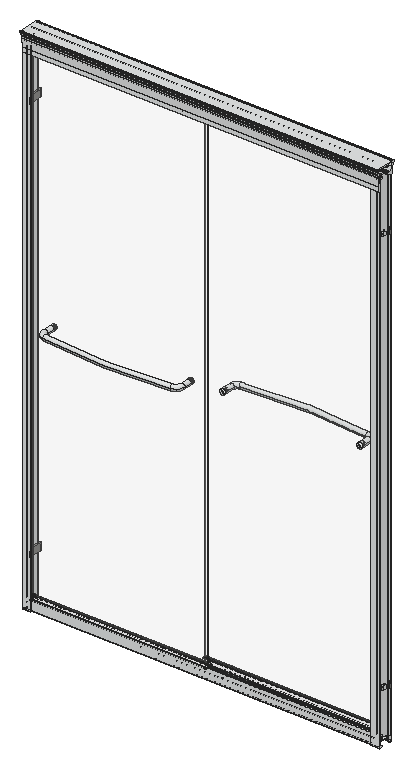
Revit family "Shower-Shower_Door-KOHLER-Fluence-K-702221", category Specialty Equipment, host Face, Revit 2021 (continued)
Definition of nested family "K-702221"
  Automatic sketch dimensions
    plane 25 to Extrusion 18 sketch curve = 0.35627"
    Extrusion 18 sketch curve to plane 22 = 0.39791"
    Extrusion 18 sketch curve to Extrusion 18 sketch curve = 0.00758"
    Extrusion 18 sketch curve to Extrusion 18 sketch curve = 0.03476"
    Extrusion 19 sketch curve to plane 8 = 0.17076"
    Extrusion 19 sketch curve to plane 10 = 0.20302"
    Extrusion 19 sketch curve to Extrusion 19 sketch curve = 0.12057"
    Extrusion 19 sketch curve to Extrusion 19 sketch curve = 0.05332"
    Extrusion 19 sketch curve to plane 4 = 0.10812"
    Extrusion 19 sketch curve to Extrusion 19 sketch curve = 0.00694"
    plane 9 to Extrusion 19 sketch curve = 0.33109"
    plane 9 to Extrusion 19 sketch curve = 0.45018"
    Extrusion 19 sketch curve to Extrusion 19 sketch curve = 0.03406"
    plane 25 to Extrusion 19 sketch curve = 0.35627"
    plane 25 to Extrusion 19 sketch curve = 0.36281"
    plane 8 to Extrusion 20 sketch curve = 0.08317"
    plane 25 to Extrusion 20 sketch curve = 0.36281"
    Extrusion 20 sketch curve to plane 10 = 0.13317"
    plane 25 to Extrusion 20 sketch curve = 0.35627"
    Extrusion 20 sketch curve to plane 22 = 0.39791"
    Extrusion 20 sketch curve to plane 10 = 0.07985"
    Extrusion 20 sketch curve to Extrusion 20 sketch curve = 0.00758"
    Extrusion 20 sketch curve to Extrusion 20 sketch curve = 0.03476"
    Extrusion 20 sketch curve to plane 4 = 0.10118"
    Extrusion 20 sketch curve to Extrusion 20 sketch curve = 0.03406"
    Extrusion 20 sketch curve to plane 10 = 0.20302"
    Extrusion 20 sketch curve to Extrusion 20 sketch curve = 0.18791"
    Extrusion 21 sketch curve to plane 24 = 0.12518"
    Extrusion 21 sketch curve to plane 6 = 0.11031"  (x2)
    plane 6 to Extrusion 21 sketch curve = 0.1283"
    plane 6 to Extrusion 21 sketch curve = 0.12832"
    plane 23 to Extrusion 21 sketch curve = 0.10812"
    Extrusion 21 sketch curve to Extrusion 21 sketch curve = 0.23849"
    Extrusion 22 sketch curve to plane 24 = 0.12518"
    Extrusion 22 sketch curve to plane 6 = 0.11031"  (x2)
    plane 6 to Extrusion 22 sketch curve = 0.1283"
    plane 6 to Extrusion 22 sketch curve = 0.12832"
    plane 23 to Extrusion 22 sketch curve = 0.10812"
    plane 11 to Extrusion 22 sketch curve = 5.62656"
    Extrusion 22 sketch curve to Extrusion 22 sketch curve = 0.23849"
    Extrusion 23 sketch curve to plane 24 = 0.12518"
    Extrusion 23 sketch curve to plane 6 = 0.11031"  (x2)
    plane 6 to Extrusion 23 sketch curve = 0.1283"
    plane 6 to Extrusion 23 sketch curve = 0.12832"
    plane 23 to Extrusion 23 sketch curve = 0.10812"
    Extrusion 23 sketch curve to Extrusion 23 sketch curve = 0.23849"
    Extrusion 24 sketch curve to plane 24 = 0.12518"
    Extrusion 24 sketch curve to plane 6 = 0.11031"  (x2)
    plane 6 to Extrusion 24 sketch curve = 0.1283"
    plane 6 to Extrusion 24 sketch curve = 0.12832"
    plane 23 to Extrusion 24 sketch curve = 0.10812"
    plane 11 to Extrusion 24 sketch curve = 5.62656"
    Extrusion 24 sketch curve to Extrusion 24 sketch curve = 0.23849"
    Extrusion 25 sketch curve to plane 25 = 0.00301"
    Extrusion 25 sketch curve to plane 25 = 0.00647"
    Extrusion 25 sketch curve to plane 25 = 0.0214"
    Extrusion 25 sketch curve to plane 25 = 0.023"
    Extrusion 25 sketch curve to Extrusion 25 sketch curve = 0.00072"
    Extrusion 25 sketch curve to Extrusion 25 sketch curve = 0.09112"
    Extrusion 25 sketch curve to Extrusion 25 sketch curve = 0.00176"
    plane 6 to Extrusion 25 sketch curve = 0.04934"
    plane 6 to Extrusion 25 sketch curve = 0.05173"
    Extrusion 25 sketch curve to Extrusion 25 sketch curve = 0.0684"
    Extrusion 25 sketch curve to plane 11 = 0.07323"
    plane 6 to Extrusion 25 sketch curve = 0.1433"
    Extrusion 25 sketch curve to Extrusion 25 sketch curve = 0.05416"
    Extrusion 25 sketch curve to plane 11 = 0.02093"
    plane 23 to Extrusion 25 sketch curve = 0.05377"
    Extrusion 25 sketch curve to plane 23 = 0.00442"
    Extrusion 25 sketch curve to plane 23 = 0.02793"
    Extrusion 25 sketch curve to Extrusion 25 sketch curve = 0.0665"  (x2)
    Extrusion 25 sketch curve to Extrusion 25 sketch curve = 0.0689"
    Extrusion 25 sketch curve to plane 22 = 0.28326"
    Extrusion 25 sketch curve to Extrusion 25 sketch curve = 0.00222"
    Extrusion 25 sketch curve to Extrusion 25 sketch curve = 0.04242"
    Extrusion 25 sketch curve to Extrusion 25 sketch curve = 0.0029"
    Extrusion 25 sketch curve to Extrusion 25 sketch curve = 0.06345"
    Extrusion 25 sketch curve to plane 11 = 0.08022"
    Extrusion 25 sketch curve to plane 22 = 0.37302"
    Extrusion 25 sketch curve to Extrusion 25 sketch curve = 0.08311"
    level to Extrusion 25 sketch curve = 0.16565"
    Extrusion 25 sketch curve to plane 22 = 0.41288"
    Extrusion 25 sketch curve to Extrusion 25 sketch curve = 0.02081"
    Extrusion 25 sketch curve to Extrusion 25 sketch curve = 1/16"
    Extrusion 25 sketch curve to Extrusion 25 sketch curve = 0.0644"
    Extrusion 25 sketch curve to Extrusion 25 sketch curve = 0.02063"
    Extrusion 25 sketch curve to Extrusion 25 sketch curve = 0.46909"
    Extrusion 25 sketch curve to Extrusion 25 sketch curve = 0.00073"
    level to Extrusion 25 sketch curve = 0.76962"
    Extrusion 25 sketch curve to Extrusion 25 sketch curve = 0.02071"
    Extrusion 25 sketch curve to Extrusion 25 sketch curve = 0.08163"
    Extrusion 25 sketch curve to Extrusion 25 sketch curve = 0.01463"
    Extrusion 25 sketch curve to Extrusion 25 sketch curve = 0.03407"
    Extrusion 25 sketch curve to Extrusion 25 sketch curve = 0.01413"
    Extrusion 25 sketch curve to Extrusion 25 sketch curve = 0.02214"
    Extrusion 25 sketch curve to Extrusion 25 sketch curve = 0.06123"
    Extrusion 25 sketch curve to Extrusion 25 sketch curve = 0.06579"
    Extrusion 25 sketch curve to Extrusion 25 sketch curve = 0.06601"
    Extrusion 25 sketch curve to Extrusion 25 sketch curve = 0.05027"
    Extrusion 25 sketch curve to Extrusion 25 sketch curve = 0.05822"
    curve 60 to curve 68 = 0"
    curve 62 to curve 70 = 0"  (x2)
    curve 64 to curve 72 = 0"  (x2)
    curve 66 to curve 74 = 0"  (x2)
    curve 116 to curve 124 = 0"  (x3)
    curve 118 to curve 126 = 0"  (x3)
    curve 120 to curve 128 = 0"  (x3)
    curve 122 to curve 130 = 0"  (x2)
    curve 48 to plane 13 = 0"
    curve 48 to plane 14 = 0"
    curve 49 to plane 13 = 0"
    curve 49 to plane 14 = 0"
    curve 150 to plane 13 = 0"
    curve 150 to plane 14 = 0"
    curve 3 to level = 0"
    curve 2 to level = 0"
    curve 1 to level = 0"
    curve 4 to level = 0"
    curve 50 to level = 0"
    curve 42 to level = 0"
    curve 41 to level = 0"
    curve 40 to level = 0"
    curve 151 to plane 13 = 0"
    curve 151 to plane 14 = 0"
    curve 47 to plane 13 = 0"
    curve 47 to plane 14 = 0"
    curve 46 to plane 13 = 0"
    curve 46 to plane 14 = 0"
    plane 1 "Center (Front/Back)" to curve 48 = 0.89503"
    plane 25 to curve 30 = 0.36086"
    curve 30 to curve 27 = 0.05765"
    curve 27 to curve 29 = 0.01839"
    curve 26 to plane 11 = 0.04515"
    curve 29 to curve 26 = 0.00194"
    plane 25 to curve 35 = 0.02288"
    plane 25 to curve 32 = 0.0214"
    plane 25 to curve 14 = 0.0121"
    plane 25 to curve 31 = 0.01184"
    plane 25 to curve 13 = 0.00565"
    plane 25 to curve 23 = 0.0014"
    curve 33 to plane 25 = 0.00335"
    curve 24 to plane 25 = 0.00671"
    curve 20 to plane 25 = 0.02074"
    curve 39 to plane 25 = 0.02601"
    plane 11 to curve 17 = 0.00081"
    curve 17 to plane 25 = 0.02613"
    curve 39 to curve 9 = 0.00335"
    curve 20 to curve 12 = 0.02811"
    curve 11 to plane 11 = 0.05779"
    curve 14 to curve 11 = 0.03282"
    curve 10 to curve 37 = 0.05429"
    curve 9 to curve 38 = 0.05839"
    curve 38 to curve 16 = 0.00931"
    curve 12 to curve 25 = 0.04904"
    plane 24 to curve 6 = 0.06527"
    curve 15 to curve 15 = 0.00208"
    curve 61 to plane 24 = 0.12254"
    curve 117 to plane 24 = 0.12254"
    curve 60 to curve 69 = 0.00787"
    curve 117 to curve 125 = 0.00787"
    curve 69 to curve 53 = 0.0621"
    curve 125 to curve 109 = 0.0621"
    curve 109 to curve 124 = 0.05503"
    curve 109 to curve 126 = 0.05503"
    curve 71 to plane 6 = 0.11117"
    curve 59 to plane 6 = 0.11117"
    curve 118 to curve 111 = 0.00746"
    curve 60 to curve 52 = 0.00746"
    curve 62 to curve 54 = 0.00746"  (x2)
    curve 116 to curve 107 = 0.00746"
    curve 60 to curve 51 = 0.00746"
    curve 62 to curve 55 = 0.00746"
    plane 6 to curve 37 = 0.07783"
    plane 6 to curve 132 = 0.08192"
    plane 6 to curve 51 = 0.11887"
    plane 6 to curve 55 = 0.11887"
    plane 6 to curve 114 = 0.11887"
    curve 56 to curve 56 = 0"
    plane 6 to curve 112 = 0.11887"
    curve 58 to curve 58 = 0"
    curve 58 to curve 66 = 0.00746"
    curve 114 to curve 123 = 0.00746"
    curve 112 to curve 128 = 0.00746"
    curve 56 to curve 72 = 0.00746"
    curve 64 to curve 57 = 0.05503"
    curve 122 to curve 113 = 0.05503"
    curve 56 to curve 73 = 0.0621"
    curve 113 to curve 129 = 0.0621"
    curve 133 to plane 23 = 0.0591"
    curve 134 to plane 23 = 0.0631"
    curve 104 to plane 22 = 0.13793"
    curve 88 to plane 22 = 0.13793"
    curve 97 to plane 22 = 0.13793"
    curve 81 to plane 22 = 0.13793"
    curve 88 to curve 76 = 0.12826"
    curve 104 to curve 92 = 0.12826"
    curve 92 to curve 101 = 0.00749"
    curve 81 to curve 78 = 0.13575"
    curve 97 to curve 94 = 0.13575"
    curve 76 to curve 85 = 0.00749"
    curve 133 to plane 22 = 0.30679"
    curve 133 to curve 135 = 0.0045"
    curve 133 to curve 7 = 0.01663"
    curve 7 to curve 8 = 0"
    curve 133 to curve 6 = 5/256"
    curve 133 to curve 5 = 5/256"
    level to curve 50 = 0.016"
    curve 50 to plane 22 = 0.39141"
    curve 85 to curve 89 = 0.13239"
    curve 94 to curve 98 = 0.13239"
    curve 78 to curve 82 = 0.13239"
    curve 101 to curve 105 = 0.13239"
    curve 131 to plane 11 = 0.10494"
    curve 131 to plane 22 = 0.43808"
    curve 105 to curve 106 = 0.08134"
    curve 89 to curve 90 = 0.08134"
    curve 98 to curve 100 = 0.08134"
    curve 82 to curve 84 = 0.08134"
    curve 82 to curve 79 = 0.0816"
    curve 105 to curve 102 = 0.0816"
    curve 89 to curve 86 = 0.0816"
    curve 98 to curve 95 = 0.0816"
    curve 86 to curve 77 = 0.00077"
    curve 102 to curve 93 = 0.00077"
    curve 84 to curve 80 = 0.02683"
    curve 106 to curve 103 = 0.02683"
    curve 100 to curve 96 = 0.02683"
    curve 90 to curve 87 = 0.02683"
    curve 102 to curve 91 = 0.0373"
    curve 79 to curve 75 = 0.0373"
    curve 46 to plane 9 = 0.89127"
    curve 50 to curve 8 = 0.61848"
    curve 8 to curve 7 = 0.03065"
    curve 7 to curve 5 = 0.0527"
    curve 5 to curve 133 = 0.02227"
    curve 133 to curve 6 = 0.0087"
    curve 133 to curve 133 = 0.01668"
    curve 133 to curve 37 = 0.01191"
    curve 37 to curve 37 = 0.02036"
    curve 38 to curve 6 = 0.00603"
    curve 37 to curve 39 = 0.01746"
    curve 38 to curve 10 = 0.00447"
    curve 15 to curve 15 = 0.06034"
    curve 10 to curve 9 = 0.0541"
    curve 7 to curve 135 = 0.12008"
    curve 133 to curve 134 = 0.11445"
    curve 37 to curve 132 = 0.11712"
    curve 38 to curve 16 = 0.01642"
    curve 32 to curve 20 = 0.18503"
    curve 32 to curve 24 = 0.03637"
    curve 30 to curve 27 = 0.13092"
    curve 25 to curve 11 = 0.05717"
    curve 35 to curve 20 = 0.03916"
    curve 35 to curve 14 = 0.00905"
    curve 12 to curve 20 = 0.02773"
    curve 14 to curve 34 = 0.01445"
    curve 33 to curve 31 = 0.00161"
    plane 11 to curve 90 = 5.46653"
    curve 90 to curve 87 = 0.02999"
    curve 90 to curve 89 = 0.0495"
    curve 88 to curve 63 = 0.12878"
    curve 88 to curve 77 = 0.13604"
    curve 77 to curve 86 = 0.00177"
    curve 89 to curve 85 = 0.16552"
    curve 85 to curve 76 = 0"  (x2)
    curve 55 to curve 62 = 0.05503"
    curve 64 to curve 56 = 0.00746"
    curve 53 to curve 53 = 0.22258"
    curve 56 to curve 57 = 0.22258"
    curve 52 to curve 52 = 0"
    curve 58 to curve 74 = 0.00746"
    curve 75 to curve 75 = 3/8"
    curve 75 to curve 79 = 0.04721"
    curve 79 to curve 82 = 0.1183"
    curve 78 to curve 81 = 0.18503"
    curve 80 to curve 84 = 0.02999"
    curve 106 to curve 104 = 0.02999"
    curve 106 to curve 105 = 0.0495"
    curve 104 to curve 119 = 0.12835"
    curve 103 to curve 93 = 0.13604"
    curve 93 to curve 102 = 0.00177"
    curve 105 to curve 101 = 0.16552"
    curve 101 to curve 91 = 0.05414"
    curve 111 to curve 118 = 0.05503"
    curve 110 to curve 108 = 0.22259"
    curve 108 to curve 117 = 0.00746"
    curve 101 to curve 94 = 3/8"
    curve 94 to curve 95 = 0.04721"
    curve 95 to curve 98 = 0.1183"
    curve 98 to curve 96 = 0.01951"
    curve 96 to curve 100 = 0.02999"
    curve 49 to plane 1 "Center (Front/Back)" = 0.08964"
    plane 25 to curve 149 = 0.46117"
    curve 49 to curve 150 = 0.427"
    curve 49 to curve 150 = 0.42704"
    plane 25 to curve 3 = 0.4531"
    curve 3 to curve 2 = 0.00799"
    curve 2 to curve 1 = 0.03403"
    curve 1 to curve 4 = 0.00799"
    curve 30 to curve 30 = 0.02574"
    curve 30 to curve 30 = 0"
    curve 30 to curve 28 = 0.01265"
    curve 19 to plane 11 = 0.00126"
    curve 26 to curve 19 = 0.01221"
    plane 25 to curve 142 = 0.2674"
    curve 4 to curve 142 = 0.13574"
    plane 11 to curve 18 = 0.026"
    curve 19 to curve 18 = 0.01714"
    curve 26 to plane 11 = 0.0495"
    curve 26 to curve 26 = 0.04083"
    curve 19 to plane 11 = 0.00708"
    curve 26 to curve 19 = 0.02666"
    plane 11 to curve 18 = 0.02071"
    curve 19 to curve 18 = 0.01746"
    plane 25 to curve 144 = 0.07748"
    plane 25 to curve 144 = 0.07726"
    curve 34 to curve 35 = 0.03874"
    curve 13 to plane 11 = 0.02369"
    curve 34 to curve 13 = 0.00252"
    plane 11 to curve 17 = 0.00822"
    curve 13 to curve 17 = 0.00178"
    plane 25 to curve 143 = 0.0474"
    curve 21 to curve 14 = 0.00356"
    plane 11 to curve 21 = 0.0038"
    plane 25 to curve 22 = 0.0014"
    curve 9 to plane 25 = 0.00419"
    curve 35 to plane 25 = 0.00438"
    curve 33 to plane 25 = 0.01193"
    curve 5 to plane 25 = 0.02472"
    curve 32 to curve 25 = 0.04468"
    curve 25 to curve 36 = 0.00035"
    curve 33 to curve 12 = 0.04503"
    curve 16 to curve 10 = 0"
    curve 146 to plane 25 = 0.06265"
    curve 147 to plane 25 = 0.07664"
    curve 146 to curve 145 = 0.01399"
    curve 36 to curve 25 = 0.03314"
    curve 25 to curve 36 = 0.00006"
    curve 12 to curve 11 = 0.03299"
    plane 24 to curve 147 = 0.07336"
    curve 148 to plane 23 = 0.0696"
    plane 22 to curve 140 = 0.0804"
    curve 148 to curve 148 = 0.08"
    curve 140 to curve 141 = 0.01399"
    curve 138 to plane 22 = 0.0446"
    curve 139 to plane 22 = 0.0737"
    curve 139 to plane 22 = 0.07468"
    curve 139 to curve 137 = 0.1909"
    curve 139 to curve 137 = 0.18993"
    curve 135 to curve 45 = 0.04574"
    curve 8 to curve 44 = 0.00058"
    curve 44 to curve 41 = 0.008"
    curve 41 to curve 40 = 0.034"
    curve 84 to curve 84 = 0.03"
    curve 43 to plane 11 = 0.02424"
    curve 131 to curve 43 = 0.01933"
    curve 95 to curve 95 = 0.03026"
    curve 151 to plane 22 = 0.45741"
    curve 136 to plane 22 = 0.45741"
    curve 131 to curve 131 = 15/256"
    curve 84 to curve 81 = 0.02362"
    curve 100 to curve 98 = 0.02362"
    curve 106 to curve 104 = 0.02362"
    curve 90 to curve 88 = 0.02362"
    curve 93 to curve 92 = 0"
    curve 77 to curve 76 = 0"
    curve 102 to curve 101 = 0"
    curve 86 to curve 85 = 0"
    curve 79 to curve 78 = 0"
    curve 95 to curve 94 = 0"
    plane 9 to curve 47 = 0.0934"
    curve 50 to curve 43 = 0.12903"
    curve 42 to curve 8 = 0.10413"
    curve 44 to curve 8 = 0.03484"
    curve 5 to curve 39 = 0.03698"
    curve 28 to curve 30 = 0.02091"
    curve 30 to curve 30 = 0.00884"
    curve 27 to curve 27 = 0.07782"
    curve 27 to curve 28 = 0.01526"
    curve 131 to curve 131 = 0.00076"
    curve 83 to curve 89 = 0.0054"
    curve 82 to curve 83 = 0.00638"
    curve 99 to curve 105 = 0.00596"
    curve 101 to curve 91 = 0"
    curve 98 to curve 99 = 0.00397"
    curve 149 to curve 149 = 0.64"
    curve 136 to curve 136 = 0.64"
    curve 3 to curve 4 = 0"
    curve 40 to curve 41 = 0"
    curve 44 to curve 41 = 0"
    curve 3 to curve 2 = 0"
    curve 1 to curve 4 = 0"
    curve 44 to curve 45 = 0"
    curve 45 to curve 137 = 0.07345"
    curve 147 to curve 144 = 0.07345"
    curve 148 to curve 139 = 0.07345"
    curve 4 to curve 142 = 0.07345"
    curve 144 to curve 143 = 0.15641"
    curve 139 to curve 138 = 0.15641"
    curve 141 to curve 138 = 0"
    curve 143 to curve 146 = 0"  (x2)
    curve 146 to curve 145 = 0.02746"
    curve 141 to curve 140 = 0.02746"
    curve 145 to curve 146 = 0.02746"
    curve 140 to curve 138 = 0.02746"
    curve 140 to curve 141 = 0.02746"
    curve 138 to curve 137 = 0.1562"
    curve 143 to curve 142 = 0.1562"
    curve 143 to curve 144 = 0.1562"
    curve 138 to curve 139 = 0.15641"
    Extrusion 27 sketch curve to plane 1 "Center (Front/Back)" = 0.51399"
    Extrusion 27 sketch curve to plane 5 = 0"
    plane 9 to Extrusion 27 sketch curve = 0.50795"  (x2)
    Extrusion 27 sketch curve to plane 1 "Center (Front/Back)" = 0.51378"
    Extrusion 27 sketch curve to plane 4 = 0"
    plane 5 to Extrusion 27 sketch curve = 0.96572"
    plane 8 to Extrusion 27 sketch curve = 0.06305"
    plane 23 to Revolve 28 sketch curve = 0.05354"
    Revolve 28 sketch curve to Revolve 28 sketch curve = 0.206"
    Revolve 28 sketch curve to Revolve 28 sketch curve = 0.02526"
    Revolve 28 sketch curve to Revolve 28 sketch curve = 0.01727"
    Revolve 28 sketch curve to Revolve 28 sketch curve = 0.12653"
    Revolve 28 sketch curve to plane 22 = 0.31428"
    Revolve 28 sketch curve to Revolve 28 sketch curve = 0.093"
    Revolve 28 sketch curve to Revolve 28 sketch curve = 0.04474"
    Revolve 28 sketch curve to Revolve 28 sketch curve = 0.00448"
    Revolve 28 sketch curve to plane 6 = 0.00266"
    Revolve 28 sketch curve to Revolve 28 sketch curve = 0"  (x3)
    Revolve 28 sketch curve to plane 24 = 0.1592"
    plane 23 to Revolve 31 sketch curve = 0.052"
    Revolve 31 sketch curve to Revolve 31 sketch curve = 0.206"
    Revolve 31 sketch curve to Revolve 31 sketch curve = 0.02526"
    Revolve 31 sketch curve to Revolve 31 sketch curve = 0.01727"
    Revolve 31 sketch curve to Revolve 31 sketch curve = 0.12653"
    Revolve 31 sketch curve to plane 22 = 0.31582"
    Revolve 31 sketch curve to Revolve 31 sketch curve = 0.093"
    Revolve 31 sketch curve to Revolve 31 sketch curve = 0.04474"
    Revolve 31 sketch curve to Revolve 31 sketch curve = 0.00448"
    Revolve 31 sketch curve to plane 6 = 0.00112"
    Revolve 31 sketch curve to Revolve 31 sketch curve = 0"  (x2)
    Revolve 31 sketch curve to plane 24 = 0.16074"
    plane 25 to Extrusion 32 sketch curve = 0.11196"
    Extrusion 32 sketch curve to Extrusion 32 sketch curve = 0.02119"
    Extrusion 32 sketch curve to Extrusion 32 sketch curve = 0.00102"
    Extrusion 32 sketch curve to Extrusion 32 sketch curve = 0.03279"  (x2)
    plane 25 to Extrusion 32 sketch curve = 0.00096"
    Extrusion 32 sketch curve to plane 25 = 0.01554"
    Extrusion 32 sketch curve to plane 25 = 0.02804"
    Extrusion 32 sketch curve to plane 25 = 0.07804"
    Extrusion 32 sketch curve to plane 25 = 0.08377"
    Extrusion 32 sketch curve to Extrusion 32 sketch curve = 0.04"  (x2)
    plane 24 to Extrusion 32 sketch curve = 0.06687"
    plane 24 to Extrusion 32 sketch curve = 0.02196"
    plane 24 to Extrusion 32 sketch curve = 0.00946"
    Extrusion 32 sketch curve to plane 24 = 0.02304"
    Extrusion 32 sketch curve to Extrusion 32 sketch curve = 0.0005"
    Extrusion 32 sketch curve to Extrusion 32 sketch curve = 0.02171"
    Extrusion 32 sketch curve to Extrusion 32 sketch curve = 0"  (x2)
    Extrusion 32 sketch curve to Extrusion 32 sketch curve = 0.11211"
    Extrusion 32 sketch curve to Extrusion 32 sketch curve = 0.00527"
    Extrusion 32 sketch curve to Extrusion 32 sketch curve = 0.00009"
    Extrusion 32 sketch curve to Extrusion 32 sketch curve = 0.01107"
    Extrusion 32 sketch curve to Extrusion 32 sketch curve = 0.01155"
    plane 25 to Revolve 33 sketch curve = 0.296"
    Revolve 33 sketch curve to Revolve 33 sketch curve = 0.03009"  (x2)
    plane 25 to Revolve 33 sketch curve = 0.07606"
    Revolve 33 sketch curve to Revolve 33 sketch curve = 0.03006"
    Revolve 33 sketch curve to plane 25 = 0.06405"
    Revolve 33 sketch curve to plane 25 = 0.08806"
    Revolve 33 sketch curve to Revolve 33 sketch curve = 0.02401"
    Revolve 33 sketch curve to Revolve 33 sketch curve = 0.12631"
    Revolve 33 sketch curve to Revolve 33 sketch curve = 0.12635"
    Revolve 33 sketch curve to Revolve 33 sketch curve = 0.08587"
    Revolve 33 sketch curve to Revolve 33 sketch curve = 0.02016"
    Sweep 35 sketch curve to profile plane = 0"
    Sweep 35 sketch curve to profile plane = 0.00445"
    Revolve 28 sketch curve to plane 16 "WTP1" = 2.23892"
    Revolve 31 sketch curve to plane 26 "M2" = 0"  (x2)
    Revolve 30 sketch curve to plane 22 = 0.29504"
    Revolve 30 sketch curve to Revolve 30 sketch curve = 0.03009"
    Revolve 30 sketch curve to plane 22 = 0.0751"
    Revolve 30 sketch curve to Revolve 30 sketch curve = 0.03006"  (x2)
    plane 22 to Revolve 30 sketch curve = 0.06501"
    plane 22 to Revolve 30 sketch curve = 0.08902"
    Revolve 30 sketch curve to Revolve 30 sketch curve = 0.02401"
    Revolve 30 sketch curve to Revolve 30 sketch curve = 0.12631"
    Revolve 30 sketch curve to Revolve 30 sketch curve = 0.12635"
    Revolve 30 sketch curve to Revolve 30 sketch curve = 0.08587"
    Revolve 30 sketch curve to Revolve 30 sketch curve = 0.02016"
    Extrusion 29 sketch curve to plane 22 = 0"
    Extrusion 29 sketch curve to Extrusion 29 sketch curve = 0.056"
    Extrusion 29 sketch curve to Extrusion 29 sketch curve = 0.03279"  (x2)
    Extrusion 29 sketch curve to Extrusion 29 sketch curve = 0.00102"
    Extrusion 29 sketch curve to Extrusion 29 sketch curve = 0.02119"
    plane 22 to Extrusion 29 sketch curve = 0.0165"
    plane 22 to Extrusion 29 sketch curve = 0.029"
    plane 22 to Extrusion 29 sketch curve = 0.079"
    plane 22 to Extrusion 29 sketch curve = 0.08473"
    Extrusion 29 sketch curve to Extrusion 29 sketch curve = 0.04"  (x2)
    Extrusion 29 sketch curve to plane 23 = 0.06591"
    Extrusion 29 sketch curve to plane 23 = 0.021"
    Extrusion 29 sketch curve to plane 23 = 0.0085"
    plane 23 to Extrusion 29 sketch curve = 0.024"
    Extrusion 29 sketch curve to Extrusion 29 sketch curve = 0.0005"
    Extrusion 29 sketch curve to Extrusion 29 sketch curve = 0.02171"
    Extrusion 29 sketch curve to Extrusion 29 sketch curve = 0.01155"
    Extrusion 29 sketch curve to Extrusion 29 sketch curve = 0.01107"
    Extrusion 29 sketch curve to Extrusion 29 sketch curve = 0"  (x3)
    Extrusion 29 sketch curve to Extrusion 29 sketch curve = 0.00009"
    Extrusion 29 sketch curve to Extrusion 29 sketch curve = 0.11211"
    Extrusion 4 sketch curve to Extrusion 4 sketch curve = 0.44187"
    Extrusion 4 sketch curve to Extrusion 4 sketch curve = 0.21197"
    Extrusion 4 sketch curve to Extrusion 4 sketch curve = 0.04196"  (x2)
    Extrusion 4 sketch curve to Extrusion 4 sketch curve = 0.03154"  (x2)
    Extrusion 4 sketch curve to Extrusion 4 sketch curve = 0.36985"  (x2)
    curve 149 to curve 3 = 0.88325"
    curve 136 to curve 40 = 0.88325"
    curve 148 to curve 137 = 0.07345"
    curve 147 to curve 142 = 0.07345"
    curve 145 to curve 145 = 0.38352"
    curve 140 to curve 140 = 0.38352"
    Extrusion 4 sketch curve to Extrusion 4 sketch curve = 0.64"  (x2)
    Extrusion 5 sketch curve to Extrusion 5 sketch curve = 1.0278"
    Extrusion 6 sketch curve to Extrusion 6 sketch curve = 1.0278"
    curve 149 to curve 136 = 0"
    Extrusion 29 sketch curve to Extrusion 29 sketch curve = 1.0278"
    Extrusion 32 sketch curve to Extrusion 32 sketch curve = 1.02789"
    plane 1 "Center (Front/Back)" to Masking region 3 sketch curve = 0"  (x3)
    Masking region 3 sketch curve to plane 5 = 0"
    plane 18 "FH1" to Masking region 3 sketch curve = 3/8"
    Masking region 3 sketch curve to plane 18 "FH1" = 3/8"
    Masking region 3 sketch curve to Masking region 3 sketch curve = 0.47895"
    Masking region 3 sketch curve to Masking region 3 sketch curve = 0.00801"
    plane 19 to Masking region 3 sketch curve = 0.01625"
    Masking region 3 sketch curve to plane 19 = 0.01181"
    plane 1 "Center (Front/Back)" to Masking region 3 sketch curve = 0.1747"
    Masking region 3 sketch curve to plane 17 "FH2" = 0.87323"
    Masking region 3 sketch curve to Masking region 3 sketch curve = 0.02247"
    Masking region 3 sketch curve to plane 17 "FH2" = 3/8"
    plane 17 "FH2" to Masking region 3 sketch curve = 3/8"
    plane 20 to Masking region 3 sketch curve = 59.91585"
    Masking region 3 sketch curve to Masking region 3 sketch curve = 0.99641"
    plane 1 "Center (Front/Back)" to Masking region 3 sketch curve = 0.18502"
    plane 1 "Center (Front/Back)" to Masking region 3 sketch curve = 0.18819"
    plane 1 "Center (Front/Back)" to Masking region 3 sketch curve = 0.19027"
    Masking region 3 sketch curve to Masking region 3 sketch curve = 0.21778"
    Masking region 3 sketch curve to Masking region 3 sketch curve = 0"
    Extrusion 26 sketch curve to level = 0"
    Extrusion 26 sketch curve to plane 9 = 0"
    plane 9 to Extrusion 26 sketch curve = 0.48112"
    Extrusion 26 sketch curve to plane 1 "Center (Front/Back)" = 0.48811"
    Extrusion 26 sketch curve to plane 1 "Center (Front/Back)" = 0.4319"
    plane 1 "Center (Front/Back)" to Extrusion 26 sketch curve = 0.00096"
    plane 7 to Extrusion 26 sketch curve = 2.1918"
    plane 20 to Extrusion 26 sketch curve = 2.20008"
    Extrusion 26 sketch curve to plane 11 = 0.24495"
    Masking region 3 sketch curve to plane 4 = 0"
    plane 9 to Masking region 3 sketch curve = 0"
    plane 9 to Masking region 5 sketch curve = 0"  (x2)
    Masking region 5 sketch curve to plane 28 = 0.21365"
    Masking region 5 sketch curve to plane 9 = 0.16591"
    Masking region 5 sketch curve to Masking region 5 sketch curve = 0.5135"
    Masking region 5 sketch curve to Masking region 5 sketch curve = 0.1098"
    plane 30 to Masking region 5 sketch curve = 0.00967"
    Masking region 5 sketch curve to plane 30 = 0.00718"
    Masking region 5 sketch curve to plane 9 = 0.17243"
    Masking region 5 sketch curve to plane 29 "M3" = 0.83114"
    Masking region 5 sketch curve to Masking region 5 sketch curve = 0.12633"
    Masking region 5 sketch curve to plane 29 "M3" = 0.21511"
    Masking region 5 sketch curve to Masking region 5 sketch curve = 0.01115"
    Masking region 5 sketch curve to plane 9 = 0.19685"  (x2)
    Masking region 5 sketch curve to Masking region 5 sketch curve = 0"
    plane 7 to Masking region 5 sketch curve = 64.58283"
    Masking region 5 sketch curve to Masking region 5 sketch curve = 9.47622"
    Masking region 5 sketch curve to Masking region 5 sketch curve = 0.10121"
    Masking region 5 sketch curve to plane 20 = 0.51696"
    curve 164 to plane 4 = 0"
    curve 165 to plane 4 = 0"
    plane 1 "Center (Front/Back)" to curve 169 = 0"
    plane 1 "Center (Front/Back)" to curve 162 = 0"
    plane 1 "Center (Front/Back)" to curve 170 = 0"
    plane 1 "Center (Front/Back)" to curve 163 = 0"
    curve 165 to plane 5 = 0"
    curve 164 to plane 5 = 0"
    plane 18 "FH1" to curve 169 = 3/8"
    curve 169 to plane 18 "FH1" = 3/8"
    curve 169 to curve 162 = 0.32724"
    curve 162 to curve 162 = 0.74996"
    curve 170 to plane 17 "FH2" = 3/8"
    plane 17 "FH2" to curve 170 = 3/8"
    curve 170 to curve 163 = 0.32724"
    curve 163 to curve 163 = 0.74996"
    curve 165 to plane 1 "Center (Front/Back)" = 0.04923"
    plane 9 to curve 164 = 0.04923"
    Masking region 2 sketch curve to Masking region 2 sketch curve = 0"  (x34)
    Masking region 2 sketch curve to plane 14 = 0"  (x2)
    Masking region 2 sketch curve to plane 13 = 0"  (x2)
    Masking region 2 sketch curve to level = 0"  (x4)
    Masking region 2 sketch curve to plane 23 = 0"
    plane 23 to Masking region 2 sketch curve = 0.06709"
    Masking region 2 sketch curve to Masking region 2 sketch curve = 0.00011"  (x2)
    Masking region 2 sketch curve to plane 24 = 0.06624"
    plane 24 to Masking region 2 sketch curve = 0.00096"
    plane 24 to Masking region 2 sketch curve = 0.03889"
    plane 24 to Masking region 2 sketch curve = 0.04023"
    Masking region 2 sketch curve to Masking region 2 sketch curve = 0.02047"  (x2)
    plane 24 to Masking region 2 sketch curve = 0.07336"
    Masking region 2 sketch curve to Masking region 2 sketch curve = 0.03447"  (x2)
    plane 24 to Masking region 2 sketch curve = 0.0956"
    plane 24 to Masking region 2 sketch curve = 0.09649"
    Masking region 2 sketch curve to Masking region 2 sketch curve = 0.05"  (x3)
    Masking region 2 sketch curve to Masking region 2 sketch curve = 0.04"  (x2)
    Masking region 2 sketch curve to Masking region 2 sketch curve = 0.02646"
    Masking region 2 sketch curve to Masking region 2 sketch curve = 0.01519"  (x2)
    Masking region 2 sketch curve to Masking region 2 sketch curve = 0.02106"
    Masking region 2 sketch curve to plane 25 = 0.08996"
    Masking region 2 sketch curve to Masking region 2 sketch curve = 7/256"
    Masking region 2 sketch curve to plane 25 = 0.07664"
    Masking region 2 sketch curve to Masking region 2 sketch curve = 0.0605"
    Masking region 2 sketch curve to Masking region 2 sketch curve = 0.01399"  (x4)
    Masking region 2 sketch curve to Masking region 2 sketch curve = 0.03299"
    Masking region 2 sketch curve to Masking region 2 sketch curve = 0.01918"
    Masking region 2 sketch curve to plane 25 = 0.03738"
    Masking region 2 sketch curve to plane 25 = 0.02634"
    Masking region 2 sketch curve to plane 25 = 0.02472"
    Masking region 2 sketch curve to Masking region 2 sketch curve = 0.00052"
    Masking region 2 sketch curve to plane 25 = 0.02033"
    Masking region 2 sketch curve to plane 25 = 0.01193"
    Masking region 2 sketch curve to plane 25 = 0.00982"
    Masking region 2 sketch curve to plane 25 = 0.00829"
    Masking region 2 sketch curve to plane 25 = 0.00507"
    Masking region 2 sketch curve to plane 25 = 0.00167"
    plane 25 to Masking region 2 sketch curve = 0.00241"
    plane 25 to Masking region 2 sketch curve = 0.00437"
    plane 25 to Masking region 2 sketch curve = 0.00508"
    plane 25 to Masking region 2 sketch curve = 0.00725"
    plane 25 to Masking region 2 sketch curve = 0.00868"
    plane 25 to Masking region 2 sketch curve = 0.01337"
    plane 25 to Masking region 2 sketch curve = 0.02"
    plane 25 to Masking region 2 sketch curve = 0.02221"
    plane 25 to Masking region 2 sketch curve = 0.03371"
    Masking region 2 sketch curve to Masking region 2 sketch curve = 0.01369"  (x2)
    plane 25 to Masking region 2 sketch curve = 0.0474"
    plane 25 to Masking region 2 sketch curve = 0.04821"
    plane 11 to Masking region 2 sketch curve = 0.00822"
    plane 25 to Masking region 2 sketch curve = 0.05733"
    Masking region 2 sketch curve to plane 11 = 0.02369"
    Masking region 2 sketch curve to Masking region 2 sketch curve = 0.00178"
    Masking region 2 sketch curve to Masking region 2 sketch curve = 0.01228"  (x2)
    Masking region 2 sketch curve to Masking region 2 sketch curve = 0.00252"
    Masking region 2 sketch curve to Masking region 2 sketch curve = 0.00571"  (x2)
    Masking region 2 sketch curve to Masking region 2 sketch curve = 0.045"  (x3)
    Masking region 2 sketch curve to Masking region 2 sketch curve = 0.02071"
    Masking region 2 sketch curve to Masking region 2 sketch curve = 0.06611"
    Masking region 2 sketch curve to Masking region 2 sketch curve = 0.02986"  (x2)
    Masking region 2 sketch curve to Masking region 2 sketch curve = 0.01209"  (x2)
    plane 25 to Masking region 2 sketch curve = 0.07962"
    Masking region 2 sketch curve to Masking region 2 sketch curve = 0.00139"
    Masking region 2 sketch curve to Masking region 2 sketch curve = 0.05523"
    Masking region 2 sketch curve to Masking region 2 sketch curve = 0.0068"
    Masking region 2 sketch curve to Masking region 2 sketch curve = 0.0459"
    plane 25 to Masking region 2 sketch curve = 0.13198"
    Masking region 2 sketch curve to Masking region 2 sketch curve = 0.12502"
    Masking region 2 sketch curve to Masking region 2 sketch curve = 0.00459"
    plane 11 to Masking region 2 sketch curve = 0.02071"
    Masking region 2 sketch curve to Masking region 2 sketch curve = 0.1406"
    Masking region 2 sketch curve to plane 11 = 0.00708"
    Masking region 2 sketch curve to Masking region 2 sketch curve = 0.01746"
    Masking region 2 sketch curve to plane 11 = 0.0495"
    Masking region 2 sketch curve to Masking region 2 sketch curve = 0.02666"
    plane 11 to Masking region 2 sketch curve = 0.026"
    Masking region 2 sketch curve to Masking region 2 sketch curve = 0.03814"
    Masking region 2 sketch curve to Masking region 2 sketch curve = 0.18987"
    Masking region 2 sketch curve to Masking region 2 sketch curve = 0.19015"
    Masking region 2 sketch curve to plane 11 = 0.00126"
    Masking region 2 sketch curve to Masking region 2 sketch curve = 0.01714"
    Masking region 2 sketch curve to Masking region 2 sketch curve = 0.17595"
    Masking region 2 sketch curve to Masking region 2 sketch curve = 0.00246"
    Masking region 2 sketch curve to Masking region 2 sketch curve = 0.04377"
    Masking region 2 sketch curve to Masking region 2 sketch curve = 0.00415"
    Masking region 2 sketch curve to Masking region 2 sketch curve = 0.03"  (x3)
    Masking region 2 sketch curve to plane 11 = 0.14681"
    Masking region 2 sketch curve to Masking region 2 sketch curve = 0.01739"
    Masking region 2 sketch curve to Masking region 2 sketch curve = 0.03157"
    Masking region 2 sketch curve to Masking region 2 sketch curve = 0.01727"
    Masking region 2 sketch curve to Masking region 2 sketch curve = 0.01104"
    level to Masking region 2 sketch curve = 0.01987"
    Masking region 2 sketch curve to Masking region 2 sketch curve = 0.04649"  (x2)
    Masking region 2 sketch curve to Masking region 2 sketch curve = 0.02119"  (x2)
    Masking region 2 sketch curve to plane 11 = 0.12601"
    Masking region 2 sketch curve to Masking region 2 sketch curve = 0.01474"
    Masking region 2 sketch curve to Masking region 2 sketch curve = 0.06177"
    Masking region 2 sketch curve to Masking region 2 sketch curve = 0.08374"  (x2)
    plane 25 to Masking region 2 sketch curve = 0.46113"
    plane 25 to Masking region 2 sketch curve = 0.46117"
    Masking region 2 sketch curve to Masking region 2 sketch curve = 0.06276"  (x2)
    Masking region 2 sketch curve to Masking region 2 sketch curve = 0.07698"
    Masking region 2 sketch curve to Masking region 2 sketch curve = 0.00942"  (x2)
    Masking region 2 sketch curve to Masking region 2 sketch curve = 0.065"  (x2)
    Masking region 2 sketch curve to plane 1 "Center (Front/Back)" = 0.19164"
    Masking region 2 sketch curve to Masking region 2 sketch curve = 0.05224"  (x2)
    Masking region 2 sketch curve to plane 1 "Center (Front/Back)" = 0.04276"
    Masking region 2 sketch curve to Masking region 2 sketch curve = 0.00993"  (x2)
    plane 1 "Center (Front/Back)" to Masking region 2 sketch curve = 0.00236"
    plane 1 "Center (Front/Back)" to Masking region 2 sketch curve = 0.3513"
    Masking region 2 sketch curve to Masking region 2 sketch curve = 0.33968"  (x2)
    Masking region 2 sketch curve to Masking region 2 sketch curve = 0.01329"  (x2)
    Masking region 2 sketch curve to Masking region 2 sketch curve = 0.14738"  (x2)
    Masking region 2 sketch curve to plane 7 = 0.51923"
    Masking region 2 sketch curve to plane 7 = 0.37502"
    plane 7 to Masking region 2 sketch curve = 0.57536"
    Masking region 2 sketch curve to Masking region 2 sketch curve = 2.40131"  (x2)
    Masking region 2 sketch curve to Masking region 2 sketch curve = 4.50163"
    Masking region 2 sketch curve to Masking region 2 sketch curve = 0.84462"
    Masking region 2 sketch curve to Masking region 2 sketch curve = 2.92453"
    Masking region 2 sketch curve to plane 23 = 0.03647"
    Masking region 2 sketch curve to plane 23 = 0.03794"  (x2)
    Masking region 2 sketch curve to Masking region 2 sketch curve = 0.03166"  (x2)
    Masking region 2 sketch curve to plane 23 = 0.09464"
    Masking region 2 sketch curve to Masking region 2 sketch curve = 0.02049"
    Masking region 2 sketch curve to Masking region 2 sketch curve = 0.04252"
    Masking region 2 sketch curve to Masking region 2 sketch curve = 0.08"
    plane 22 to Masking region 2 sketch curve = 0.02409"
    plane 22 to Masking region 2 sketch curve = 0.01109"
    Masking region 2 sketch curve to plane 22 = 0.01719"
    Masking region 2 sketch curve to Masking region 2 sketch curve = 0.01371"
    Masking region 2 sketch curve to plane 22 = 0.0446"
    Masking region 2 sketch curve to Masking region 2 sketch curve = 0.0289"
    Masking region 2 sketch curve to plane 22 = 0.12822"
    Masking region 2 sketch curve to plane 22 = 0.13597"
    Masking region 2 sketch curve to Masking region 2 sketch curve = 0.00075"
    Masking region 2 sketch curve to Masking region 2 sketch curve = 0.02144"
    Masking region 2 sketch curve to Masking region 2 sketch curve = 0.12865"
    Masking region 2 sketch curve to Masking region 2 sketch curve = 0.02199"
    Masking region 2 sketch curve to Masking region 2 sketch curve = 0.06759"
    Masking region 2 sketch curve to Masking region 2 sketch curve = 0.1911"
    Masking region 2 sketch curve to Masking region 2 sketch curve = 0.18993"
    Masking region 2 sketch curve to Masking region 2 sketch curve = 0.01631"
    Masking region 2 sketch curve to Masking region 2 sketch curve = 0.1361"
    Masking region 2 sketch curve to Masking region 2 sketch curve = 0.00188"
    Masking region 2 sketch curve to plane 22 = 0.32625"
    Masking region 2 sketch curve to Masking region 2 sketch curve = 0.02004"
    Masking region 2 sketch curve to Masking region 2 sketch curve = 0.02417"
    Masking region 2 sketch curve to plane 22 = 0.34322"
    Masking region 2 sketch curve to plane 22 = 0.34465"
    Masking region 2 sketch curve to plane 22 = 0.34596"
    level to Masking region 2 sketch curve = 0.02031"
    Masking region 2 sketch curve to plane 22 = 0.36241"
    Masking region 2 sketch curve to Masking region 2 sketch curve = 0.02"
    Masking region 2 sketch curve to plane 11 = 0.08094"
    Masking region 2 sketch curve to plane 22 = 0.43613"
    Masking region 2 sketch curve to plane 22 = 0.45741"  (x3)
    Masking region 2 sketch curve to Masking region 2 sketch curve = 0.11275"
    Masking region 2 sketch curve to Masking region 2 sketch curve = 0.07469"
    Masking region 2 sketch curve to Masking region 2 sketch curve = 0.01422"
    Masking region 2 sketch curve to Masking region 2 sketch curve = 0.03928"
    Masking region 2 sketch curve to Masking region 2 sketch curve = 0.32503"
    Masking region 2 sketch curve to plane 33 = 3/16"
    Masking region 2 sketch curve to Masking region 2 sketch curve = 0.30677"
    plane 33 to Masking region 2 sketch curve = 3/16"  (x2)
    Masking region 2 sketch curve to Masking region 2 sketch curve = 0.3082"
    plane 9 to Masking region 2 sketch curve = 0.1954"
    plane 9 to Masking region 2 sketch curve = 0.04653"
    plane 9 to Masking region 2 sketch curve = 0.0014"
    Masking region 2 sketch curve to plane 9 = 0.34754"
    Masking region 2 sketch curve to plane 20 = 0.51376"
    Masking region 2 sketch curve to plane 20 = 0.36955"
    plane 20 to Masking region 2 sketch curve = 0.58084"
    Masking region 2 sketch curve to Masking region 2 sketch curve = 4.37284"
    Masking region 2 sketch curve to Masking region 2 sketch curve = 0.97341"
    Masking region 2 sketch curve to Masking region 2 sketch curve = 3.05332"
    Masking region 2 sketch curve to level = 0.03962"
    Masking region 2 sketch curve to level = 0.05241"
    Masking region 2 sketch curve to Masking region 2 sketch curve = 0.07857"
    Masking region 2 sketch curve to Masking region 2 sketch curve = 0.07928"
    Masking region 2 sketch curve to Masking region 2 sketch curve = 0.04638"
    Masking region 2 sketch curve to Masking region 2 sketch curve = 0.06893"
    level to Masking region 2 sketch curve = 0.01498"
    level to Masking region 2 sketch curve = 0.016"
    Masking region 2 sketch curve to Masking region 2 sketch curve = 0.04899"
    Masking region 2 sketch curve to Masking region 2 sketch curve = 0.01499"
    level to Masking region 2 sketch curve = 0.14503"
    Masking region 2 sketch curve to Masking region 2 sketch curve = 0.09467"
    Masking region 2 sketch curve to Masking region 2 sketch curve = 0.30282"
    Masking region 2 sketch curve to Masking region 2 sketch curve = 0.0225"
    Masking region 2 sketch curve to Masking region 2 sketch curve = 0.00338"
    Masking region 2 sketch curve to Masking region 2 sketch curve = 0.03464"  (x2)
    Masking region 2 sketch curve to Masking region 2 sketch curve = 0.02879"
    Masking region 2 sketch curve to Masking region 2 sketch curve = 0.0423"
    Masking region 2 sketch curve to Masking region 2 sketch curve = 0.58465"
    Masking region 2 sketch curve to Masking region 2 sketch curve = 0.01818"
    Masking region 2 sketch curve to Masking region 2 sketch curve = 0.02253"
    Masking region 2 sketch curve to Masking region 2 sketch curve = 0.05478"
    Masking region 2 sketch curve to Masking region 2 sketch curve = 0.06452"
    Masking region 2 sketch curve to Masking region 2 sketch curve = 0.02964"
    Masking region 2 sketch curve to Masking region 2 sketch curve = 0.0038"
    Masking region 2 sketch curve to Masking region 2 sketch curve = 0.004"
    Masking region 2 sketch curve to Masking region 2 sketch curve = 0.00787"
    Masking region 2 sketch curve to Masking region 2 sketch curve = 0.01919"
    Masking region 2 sketch curve to Masking region 2 sketch curve = 0.00421"
    Masking region 2 sketch curve to Masking region 2 sketch curve = 0.04178"
    Masking region 2 sketch curve to Masking region 2 sketch curve = 0.00065"
    Masking region 2 sketch curve to Masking region 2 sketch curve = 0.27125"
    Masking region 2 sketch curve to Masking region 2 sketch curve = 0.06418"
    Masking region 2 sketch curve to Masking region 2 sketch curve = 0.06846"
    Masking region 2 sketch curve to Masking region 2 sketch curve = 0.02019"
    Masking region 2 sketch curve to Masking region 2 sketch curve = 0.04499"
    plane 11 to Masking region 2 sketch curve = 0.03841"
    Masking region 2 sketch curve to Masking region 2 sketch curve = 0.2853"
    Masking region 2 sketch curve to Masking region 2 sketch curve = 0.29647"
    Masking region 2 sketch curve to Masking region 2 sketch curve = 0.03864"  (x2)
    Masking region 2 sketch curve to Masking region 2 sketch curve = 0.06623"  (x2)
    Masking region 2 sketch curve to Masking region 2 sketch curve = 0.07345"
    Masking region 2 sketch curve to Masking region 2 sketch curve = 0.03481"
    Masking region 2 sketch curve to Masking region 2 sketch curve = 0.02051"  (x2)
    Masking region 2 sketch curve to Masking region 2 sketch curve = 0.01492"  (x2)
    Masking region 2 sketch curve to Masking region 2 sketch curve = 0.01507"
    Masking region 2 sketch curve to Masking region 2 sketch curve = 0.01514"
    Masking region 2 sketch curve to Masking region 2 sketch curve = 0.03008"  (x2)
    Masking region 2 sketch curve to Masking region 2 sketch curve = 0.00276"  (x2)
    Masking region 2 sketch curve to Masking region 2 sketch curve = 0.00093"  (x2)
    Masking region 2 sketch curve to Masking region 2 sketch curve = 0.02711"
    Masking region 2 sketch curve to Masking region 2 sketch curve = 0.02705"
    Masking region 2 sketch curve to Masking region 2 sketch curve = 0.02252"  (x2)
    Masking region 2 sketch curve to Masking region 2 sketch curve = 0.07098"  (x2)
    Masking region 2 sketch curve to Masking region 2 sketch curve = 0.02785"  (x2)
    Masking region 2 sketch curve to Masking region 2 sketch curve = 0.02746"  (x4)
    Masking region 2 sketch curve to Masking region 2 sketch curve = 0.05568"  (x2)
    Masking region 2 sketch curve to Masking region 2 sketch curve = 0.03342"
    Masking region 2 sketch curve to Masking region 2 sketch curve = 0.05388"  (x2)
    Masking region 2 sketch curve to Masking region 2 sketch curve = 0.0387"  (x2)
    Masking region 2 sketch curve to Masking region 2 sketch curve = 0.02571"  (x2)
    Masking region 2 sketch curve to Masking region 2 sketch curve = 0.08023"  (x2)
    Masking region 2 sketch curve to Masking region 2 sketch curve = 0.1262"  (x2)
    Masking region 2 sketch curve to Masking region 2 sketch curve = 0.12635"
    Masking region 2 sketch curve to Masking region 2 sketch curve = 0.1273"
    Masking region 2 sketch curve to Masking region 2 sketch curve = 0.16367"  (x2)
    Masking region 2 sketch curve to Masking region 2 sketch curve = 0.26332"  (x2)
    Masking region 2 sketch curve to Masking region 2 sketch curve = 0.06527"  (x2)
    Masking region 2 sketch curve to Masking region 2 sketch curve = 0.05973"  (x2)
    Masking region 2 sketch curve to Masking region 2 sketch curve = 0.01057"  (x2)
    Masking region 2 sketch curve to Masking region 2 sketch curve = 0.00002"
    Masking region 2 sketch curve to Masking region 2 sketch curve = 0.016"  (x2)
    Masking region 2 sketch curve to Masking region 2 sketch curve = 0.02453"  (x2)
    plane 25 to Masking region 2 sketch curve = 0.018"
    Masking region 2 sketch curve to Masking region 2 sketch curve = 0.00667"
    Masking region 2 sketch curve to Masking region 2 sketch curve = 0.01114"
    level to Masking region 2 sketch curve = 0.06353"
    Masking region 2 sketch curve to Masking region 2 sketch curve = 0.00072"
    Masking region 2 sketch curve to Masking region 2 sketch curve = 0.02101"
    Masking region 2 sketch curve to plane 11 = 0.1815"
    Masking region 2 sketch curve to Masking region 2 sketch curve = 0.00004"
    Masking region 2 sketch curve to Masking region 2 sketch curve = 0.00096"
    Masking region 2 sketch curve to Masking region 2 sketch curve = 0.01191"
    Masking region 2 sketch curve to plane 22 = 0.02193"
    Masking region 2 sketch curve to Masking region 2 sketch curve = 0.00332"
    plane 24 to curve 172 = 0.07336"
    curve 171 to plane 23 = 0.0696"
    curve 172 to plane 34 = 0.1525"
    curve 171 to plane 34 = 0.1525"
    plane 34 to curve 172 = 0.15317"
    plane 34 to curve 171 = 0.15317"
    Sweep 35 sketch curve to plane 17 "FH2" = 0"
    plane 1 "Center (Front/Back)" to Sweep 35 sketch curve = 0.18362"
    Sweep 35 sketch curve to Sweep 35 sketch curve = 0.86614"
    plane 19 to Sweep 35 sketch curve = 0"
    plane 1 "Center (Front/Back)" to Sweep 35 sketch curve = 47/256"
    Sweep 35 sketch curve to plane 18 "FH1" = 0.86597"
    plane 18 "FH1" to Sweep 35 sketch curve = 0.00017"
    plane 20 to Sweep 35 sketch curve = 61.15888"
    Sweep 35 sketch curve to Sweep 35 sketch curve = 0"
    plane 25 to Sweep 35 sketch curve = 0.03347"
    plane 25 to Sweep 35 sketch curve = 0.03327"
    Sweep 13 sketch curve to plane 9 = 0.18246"
    Sweep 13 sketch curve to plane 28 = 0.70614"
    plane 30 to Sweep 13 sketch curve = 0.0018"
    Sweep 13 sketch curve to plane 9 = 0.18251"
    Sweep 13 sketch curve to plane 29 "M3" = 0.70614"
    plane 7 to Sweep 13 sketch curve = 61.15061"
    Sweep 13 sketch curve to Sweep 13 sketch curve = 0"
    Sweep 13 sketch curve to plane 22 = 0.03251"
    Sweep 13 sketch curve to plane 22 = 0.03231"
    Revolve 16 sketch curve to plane 17 "FH2" = 0"  (x2)
    plane 17 "FH2" to Revolve 16 sketch curve = 0.00185"
    Revolve 16 sketch curve to plane 24 = 0.052"
    plane 32 to Revolve 16 sketch curve = 0.16898"
    Revolve 16 sketch curve to Revolve 16 sketch curve = 0.04395"
    Revolve 16 sketch curve to plane 32 = 0.00007"
    Revolve 16 sketch curve to Revolve 16 sketch curve = 0.093"
    Revolve 16 sketch curve to Revolve 16 sketch curve = 0.04896"
    plane 6 to Revolve 16 sketch curve = 0.00287"
    plane 25 to Revolve 16 sketch curve = 0.28234"
    Revolve 16 sketch curve to Revolve 16 sketch curve = 0.0083"
    Revolve 16 sketch curve to Revolve 16 sketch curve = 0"  (x2)
    plane 23 to Revolve 16 sketch curve = 0.15995"
    Revolve 34 sketch curve to plane 18 "FH1" = 0"  (x2)
    plane 18 "FH1" to Revolve 34 sketch curve = 0.00185"
    Revolve 34 sketch curve to plane 24 = 0.052"
    Revolve 34 sketch curve to plane 31 = 0.16898"
    Revolve 34 sketch curve to Revolve 34 sketch curve = 0.04395"
    plane 31 to Revolve 34 sketch curve = 0.00007"
    Revolve 34 sketch curve to Revolve 34 sketch curve = 0.093"
    Revolve 34 sketch curve to Revolve 34 sketch curve = 0.04896"
    plane 6 to Revolve 34 sketch curve = 0.00287"
    plane 25 to Revolve 34 sketch curve = 0.28234"
    Revolve 34 sketch curve to Revolve 34 sketch curve = 0.0083"
    Revolve 34 sketch curve to Revolve 34 sketch curve = 0"  (x2)
    plane 23 to Revolve 34 sketch curve = 0.15995"
    Masking region 1 sketch curve to plane 5 = 0"
    Masking region 1 sketch curve to plane 15 "WALK THRU PLANE" = 0"
    Masking region 1 sketch curve to plane 4 = 0"
    Masking region 1 sketch curve to plane 35 = 0"
    Masking region 1 sketch curve to level = 0.00009"
    plane 5 to Masking region 1 sketch curve = 1.19313"
    plane 11 to Masking region 1 sketch curve = 0.29576"
    Masking region 1 sketch curve to plane 34 = 1.97231"
    Masking region 4 sketch curve to plane 5 = 0"
    Masking region 4 sketch curve to level = 0"
    Masking region 4 sketch curve to plane 15 "WALK THRU PLANE" = 0"
    plane 11 to Masking region 4 sketch curve = 0.29576"
    plane 5 to Masking region 4 sketch curve = 1.20289"
    Masking region 4 sketch curve to plane 34 = 1.97233"
    curve 154 to plane 11 = 0"
    plane 17 "FH2" to curve 161 = 0"
    curve 160 to plane 13 = 0"
    curve 160 to plane 12 = 0"
    curve 152 to plane 15 "WALK THRU PLANE" = 0"
    curve 167 to plane 12 = 0"
    plane 26 "M2" to curve 167 = 0"
    curve 166 to plane 12 = 0"
    curve 166 to plane 27 = 0"
    curve 153 to plane 16 "WTP1" = 0"
    curve 152 to plane 4 = 0"
    curve 153 to level = 0"
    curve 159 to plane 17 "FH2" = 0.00017"
    plane 18 "FH1" to curve 158 = 0.00003"
    curve 159 to plane 14 = 0.00201"
    plane 11 to curve 157 = 0.29576"
    plane 11 to curve 156 = 0.29576"
    plane 5 to curve 156 = 1.20289"
    curve 154 to curve 156 = 0.00975"
    plane 15 "WALK THRU PLANE" to curve 155 = 0.08475"
    curve 156 to plane 34 = 1.97233"
    curve 157 to plane 34 = 1.97231"
    curve 152 to curve 153 = 0"
    curve 157 to plane 15 "WALK THRU PLANE" = 0.0184"
    curve 152 to curve 157 = 0"
    Extrusion 4 sketch curve to plane 34 = 1.97233"  (x2)
    Extrusion 4 sketch curve to plane 34 = 0.91156"  (x2)
    Extrusion 4 sketch curve to plane 34 = 0.49909"  (x2)
    Extrusion 4 sketch curve to plane 34 = 0.24782"  (x2)
    plane 34 to Extrusion 4 sketch curve = 0.10893"  (x2)
    plane 34 to Extrusion 4 sketch curve = 0.1588"  (x2)
    plane 35 to Extrusion 4 sketch curve = 1 245/256"  (x2)
    plane 34 to Extrusion 4 sketch curve = 0.18189"  (x2)
    Extrusion 5 sketch curve to plane 34 = 1.77643"
    plane 34 to Extrusion 5 sketch curve = 0.24493"
    Extrusion 6 sketch curve to plane 34 = 1.77643"
    plane 34 to Extrusion 6 sketch curve = 0.24493"
    Revolve 7 sketch curve to plane 34 = 0"  (x2)
    plane 34 to Revolve 7 sketch curve = 0.19521"
    Revolve 8 sketch curve to plane 34 = 0"  (x2)
    plane 34 to Revolve 8 sketch curve = 0.19521"
    Extrusion 21 sketch curve to plane 34 = 8.19146"
    Extrusion 23 sketch curve to plane 34 = 8.19146"
    Masking region 2 sketch curve to plane 34 = 8.42191"
    Masking region 2 sketch curve to Masking region 2 sketch curve = 0.36307"
    Masking region 2 sketch curve to plane 34 = 1.97223"  (x2)
    Masking region 2 sketch curve to Masking region 2 sketch curve = 0.64"
    Masking region 2 sketch curve to plane 34 = 1.33223"  (x3)
    Masking region 2 sketch curve to plane 34 = 0.91146"  (x2)
    Masking region 2 sketch curve to plane 34 = 0.49899"  (x2)
    Masking region 2 sketch curve to plane 34 = 0.44898"
    Masking region 2 sketch curve to Masking region 2 sketch curve = 0.32017"
    Masking region 2 sketch curve to plane 34 = 0.24771"  (x2)
    Masking region 2 sketch curve to Masking region 2 sketch curve = 0.03915"
    Masking region 2 sketch curve to plane 34 = 0.02012"  (x2)
    Masking region 2 sketch curve to plane 34 = 0.00983"
    plane 34 to Masking region 2 sketch curve = 0.01989"  (x2)
    plane 34 to Masking region 2 sketch curve = 0.06467"  (x2)
    plane 34 to Masking region 2 sketch curve = 0.1589"  (x2)
    Masking region 2 sketch curve to plane 35 = 0.12333"
    Masking region 2 sketch curve to plane 35 = 0.12276"
    Masking region 2 sketch curve to plane 35 = 0.06031"  (x2)
    Masking region 2 sketch curve to plane 35 = 0.03227"
    Masking region 2 sketch curve to plane 35 = 0.02877"  (x2)
    plane 35 to Masking region 2 sketch curve = 0.33758"  (x2)
    plane 35 to Masking region 2 sketch curve = 1.95712"  (x2)
    Masking region 2 sketch curve to plane 34 = 0.12881"
    plane 34 to Masking region 2 sketch curve = 0.18199"
    curve 106 to plane 34 = 8.35106"
    curve 149 to plane 34 = 1.97223"
    Extrusion 26 sketch curve to plane 34 = 1.04283"  (x2)
    Extrusion 26 sketch curve to plane 34 = 0.687"
    Extrusion 26 sketch curve to plane 35 = 0.06361"
    Extrusion 26 sketch curve to plane 35 = 0.00049"
    Extrusion 29 sketch curve to plane 34 = 1.77643"
    plane 34 to Extrusion 29 sketch curve = 0.24493"
    Revolve 30 sketch curve to plane 34 = 0"  (x2)
    plane 34 to Revolve 30 sketch curve = 0.19521"
    plane 34 to Extrusion 32 sketch curve = 0.24493"
    Extrusion 32 sketch curve to plane 34 = 0.53496"
    Revolve 33 sketch curve to plane 34 = 0"  (x2)
    plane 34 to Revolve 33 sketch curve = 0.19521"
    radius of Sweep 13 sketch curve = 0.37503"
    radius of Sweep 35 sketch curve = 0.37503"
    radius of curve 166 = 0.37503"
    radius of curve 167 = 0.37503"
